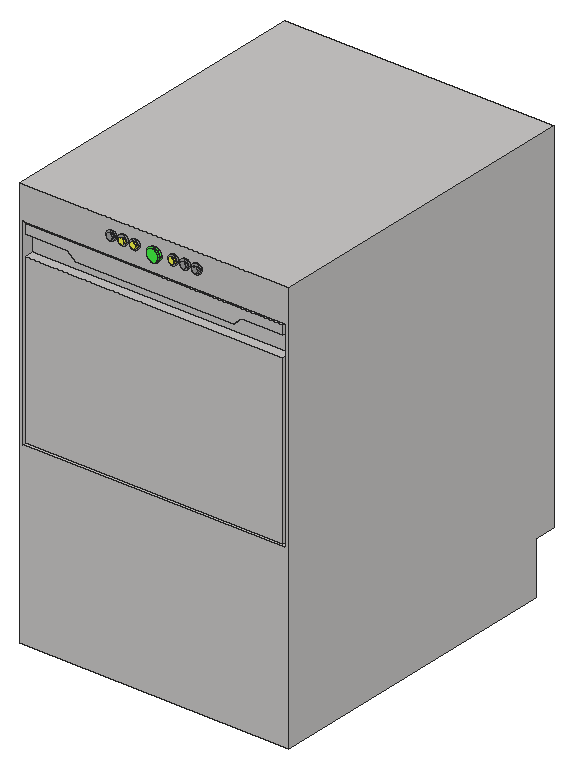
Revit family "QF_ELECTROLUXPROFESSIONAL_402220_ESICWG", category Specialty Equipment, Revit 2018
Family settings
  Round Connector Dimension = Use Diameter
  Part Type = Normal
  Work Plane-Based = No
  Always vertical = Yes
  Cut with Voids When Loaded = No
  Shared = No
  Room Calculation Point = No
Parameters
  Weight = 37.00 kg
  Watts = 0 W
  Volts = 0 V
  URL Manufacturer = ""
  URL = "http://professional.electrolux.com/"
  Steam Supply Size = 0 mm
  Steam Supply Minimum Pressure = 0.0 Pa
  Steam Supply Maximum Pressure = 0.0 Pa
  Steam Pounds per Hour = 0
  Show Logo [instance] = yes
  Show Clearance [instance] = yes
  Refrigeration Suction Line Size = 0 mm
  Refrigeration Liquid Line Size = 0 mm
  Refrigerant Compressor Remote = yes
  Manufacturer = ""
  Phase = 0
  Model = ""
  Length Actual = 460 mm  # constant formula
  Item Number = ""
  Hot Water Size = 0 mm
  Height Actual = 715 mm  # constant formula
  HP = "4.4 HP"
  Gas Size = 0 mm
  Gas KW = 0
  Gas Input Pressure = 0 W
  Direct Waste Size = 27 mm
  Description = ""
  Depth Actual = 565 mm  # constant formula
  Cycle = 0 Hz
  Condensate Return Size = 0 mm
  Compressed Air Volume = 0.0 L/s
  Compressed Air Size = 0 mm
  Compressed Air Pressure = 0.0 Pa
  Cold Water Size = 0 mm
  Accessory = yes
Types (2, lengths in mm): name | Volts | URL Manufacturer | URL | Manufacturer | Phase | Model | Item Number | Description | Cycle | Cold Water Size
  (no name) | 0 V | "" | "http://professional.electrolux.com/" | "" | 0 | "" | "" | "" | 0 Hz | 0
  Standard | 220 V | "http://professional.electrolux.com" | "http://professional.electrolux.com" | "Electrolux Professional" | 1 | "ESICWG" | "402220" | "GLASSWASHER(S) DOUBLE SKIN, COLD RINSE, WS, DP, DD, 30B/H" | 50 Hz | 19.05
Reference planes
  plane 1 "Center (Front/Back)": y = 0
  plane 2: z = 0
  plane 3 "Center (Left/Right)": x = 0
  plane 4 "LEFT": x = -230
  plane 5 "RIGHT": x = 230
  plane 6 "FRONT": y = -282.5
  plane 7 "BACK": y = 282.5
  plane 8: x = -202.5
  plane 9: x = 202.5
  plane 10: z = 715
  plane 11: z = 10
Forms (mm)
  Extrusion 1, solid, material "QF_Finishes_Stainless Steel"
    sketch origin (0, 0, 0) x (1, 0, 0) y (0, 1, 0)
      loop
        line (-230, -282.5) -> (230, -282.5) -> (230, 243.5) -> (-230, 243.5) -> (-230, -282.5)
    from 10 to 715
  Extrusion 2, solid, material "QF_Finishes_Stainless Steel"
    sketch origin (0, 0, 0) x (1, 0, 0) y (0, 1, 0)
      loop
        line (-230, 243.5) -> (230, 243.5) -> (230, 282.5) -> (-230, 282.5) -> (-230, 243.5)
    from 100 to 715
  Extrusion 3, solid, material "QF_Finishes_Stainless Steel"
    sketch origin (0, 0, 0) x (1, 0, 0) y (0, 1, 0)
      loop
        circle (-202.5, 184.5) r 12.5
      loop
        circle (202.5, 184.5) r 12.5
      loop
        circle (-202.5, -235.5) r 12.5
      loop
        circle (202.5, -235.5) r 12.5
    from 0 to 10
  Extrusion 4, void
    sketch origin (-230, -282.5, 0) x (-1, 0, 0) y (0, 0, 1)
      loop
        line (-5, 658.217) -> (-455, 658.217) -> (-455, 315) -> (-5, 315) -> (-5, 658.217)
    from 0 to 30
  Extrusion 5, solid, material "QF_Finishes_Stainless Steel"
    sketch origin (-53, -392, 738) x (0, 0, -1) y (1, 0, 0)
      loop
        circle (693, 213) r 10
    from -635.5 to -674.5
  Extrusion 6, solid, material "QF_Door-Drawer Clearances", visible <- "Show Clearance", detail levels coarse
    sketch origin (-230, -282.5, 0) x (0, 1, 0) y (0, 0, -1)
      loop
        line (0, -315) -> (-315, -315)
        arc (-315, -315) -> (-223.2, -545.869) -> (0, -655) r 344.605
        line (0, -655) -> (0, -315)
    from -10 to -450
  Extrusion 7, solid, material "QF_Finishes_Stainless Steel"
    sketch origin (-242.481, -392, 738) x (0, 0, -1) y (1, 0, 0)
      loop
        circle (663, 322.481) r 8
    from -635.5 to -674.5
  Extrusion 8, solid, material "QF_Finishes_Green"
    sketch origin (234, -282.5, -28.75) x (-1, 0, 0) y (0, 0, -1)
      loop
        circle (234, -714.569) r 10
    from 0 to 5
  Extrusion 9, solid, material "QF_Finishes_Gray"
    sketch origin (234, -282.5, -24.375) x (-1, 0, 0) y (0, 0, -1)
      loop
        circle (306.936, -713.972) r 5
    from 0 to 5
  Extrusion 10, solid, material "QF_Finishes_Stainless Steel"
    sketch origin (-230, -282.5, 0) x (0, 1, 0) y (0, 0, -1)
      loop
        line (0, -319.622) -> (0, -605) -> (15, -605) -> (15, -655) -> (25, -655) -> (25, -319.622) -> (0, -319.622)
    from -10 to -450
  Extrusion 11, solid, material "QF_Finishes_Stainless Steel"
    sketch origin (-230, -282.5, 0) x (0, 1, 0) y (0, 0, -1)
      loop
        line (15, -655) -> (15, -652.514) -> (2.5, -652.514) -> (2.5, -626.25) -> (0, -626.25) -> (0, -655) -> (15, -655)
    from -10 to -450
  Extrusion 12, void
    sketch origin (-230, -282.5, 655) x (0, 0, 1) y (1, 0, 0)
      loop
        line (-15.552, 10) -> (-15.552, 81.607) -> (-28.75, 94.804) -> (-28.75, 10) -> (-15.552, 10)
      loop
        line (-15.552, 450) -> (-28.75, 450) -> (-28.75, 365.196) -> (-15.552, 378.393) -> (-15.552, 450)
    from 0 to 2.5
  Extrusion 13, solid, material "QF_Finishes_Stainless Steel"
    sketch origin (-328, -392, 738) x (0, 0, -1) y (1, 0, 0)
      loop
        circle (663, 228) r 8
    from -635.5 to -674.5
  Extrusion 14, solid, material "QF_Finishes_Green"
    sketch origin (-230, -282.5, 0) x (1, 0, 0) y (0, 0, 1)
      loop
        circle (230, 685.819) r 12
      loop
        circle (230, 685.819) r 10
    from 0 to 2.5
  Extrusion 15, solid, material "QF_Finishes_Gray"
    sketch origin (-210, -282.5, -28.75) x (1, 0, 0) y (0, 0, 1)
      loop
        circle (262.936, 718.347) r 8
      loop
        circle (262.936, 718.347) r 5
      loop
        circle (242.936, 718.347) r 8
      loop
        circle (242.936, 718.347) r 5
      loop
        circle (282.936, 718.347) r 8
      loop
        circle (282.936, 718.347) r 5
    from 0 to 2.5
  Extrusion 16, solid, material "QF_Finishes_Gray"
    sketch origin (-234, -282.5, -24.375) x (1, 0, 0) y (0, 0, 1)
      loop
        circle (286.936, 713.972) r 5
      loop
        circle (306.936, 713.972) r 5
    from 0 to 5
  Extrusion 17, solid, material "QF_Finishes_Gray"
    sketch origin (210, -282.5, -28.75) x (-1, 0, 0) y (0, 0, -1)
      loop
        circle (262.936, -718.347) r 8
      loop
        circle (262.936, -718.347) r 5
      loop
        circle (242.936, -718.347) r 8
      loop
        circle (242.936, -718.347) r 5
      loop
        circle (282.936, -718.347) r 8
      loop
        circle (282.936, -718.347) r 5
    from 0 to 2.5
  Extrusion 18, solid, material "QF_Finishes_Yellow"
    sketch origin (254, -282.5, -24.375) x (-1, 0, 0) y (0, 0, -1)
      loop
        circle (306.936, -713.972) r 5
    from 0 to 5
  Extrusion 19, solid, material "QF_Finishes_Yellow"
    sketch origin (274, -282.5, -24.375) x (-1, 0, 0) y (0, 0, -1)
      loop
        circle (306.936, -713.972) r 5
    from 0 to 5
  Extrusion 20, solid, material "QF_Finishes_Yellow"
    sketch origin (339.871, -282.5, -24.375) x (-1, 0, 0) y (0, 0, -1)
      loop
        circle (306.936, -713.972) r 5
    from 0 to 5
Cuts and joins
  Extrusion 4 cuts Extrusion 1
  joined: Extrusion 1, Extrusion 2
  Extrusion 12 cuts Extrusion 10
  Extrusion 12 cuts Extrusion 11
Lines and regions (mm)
  Split face 1
    outline origin (-230, -282.5, 715) x (0, 0, -1) y (1, 0, 0)
      loop
        line (35, 0) -> (35, 60) -> (49.142, 74.142) -> (49.142, 214.142) -> (11.456, 214.142)
        arc (11.456, 214.142) -> (9.82, 214.82) -> (9.142, 216.456) r 2.314
        line (9.142, 216.456) -> (9.142, 230) -> (9.142, 243.544)
        arc (9.142, 243.544) -> (9.82, 245.18) -> (11.456, 245.858) r 2.314
        line (11.456, 245.858) -> (49.142, 245.858) -> (49.142, 385.858) -> (35, 400) -> (35, 460)
      loop
        line (56.783, 5) -> (56.783, 0)
      loop
        line (56.783, 455) -> (56.783, 460)
  symbolic lines
    curve 1: line (-230, 282.5, 0) -> (230, 282.5, 0)
    curve 2: line (-230, -282.5, 0) -> (-230, 282.5, 0)
    curve 3: line (230, -282.5, 0) -> (-230, -282.5, 0)
    curve 4: line (230, 282.5, 0) -> (230, -282.5, 0)
    curve 9: line (-80.94, -285, 0) -> (-80.94, -282.5, 0)
    curve 10: line (-64.948, -285, 0) -> (-64.948, -282.5, 0)
    curve 11: line (-77.926, -287.5, 0) -> (-67.936, -287.5, 0)
    curve 12: line (-67.936, -287.5, 0) -> (-67.936, -285, 0)
    curve 13: line (-77.926, -287.5, 0) -> (-77.926, -285, 0)
    curve 14: line (-60.936, -285, 0) -> (-44.936, -285, 0)
    curve 15: line (-44.936, -285, 0) -> (-44.936, -282.5, 0)
    curve 16: line (-60.936, -285, 0) -> (-60.936, -282.5, 0)
    curve 17: line (-57.936, -287.5, 0) -> (-47.936, -287.5, 0)
    curve 18: line (-47.936, -287.5, 0) -> (-47.936, -285, 0)
    curve 19: line (-57.936, -287.5, 0) -> (-57.936, -285, 0)
    curve 20: line (-40.936, -285, 0) -> (-24.936, -285, 0)
    curve 21: line (-24.936, -285, 0) -> (-24.936, -282.5, 0)
    curve 22: line (-40.936, -285, 0) -> (-40.936, -282.5, 0)
    curve 23: line (-37.936, -287.5, 0) -> (-27.936, -287.5, 0)
    curve 24: line (-27.936, -287.5, 0) -> (-27.936, -285, 0)
    curve 25: line (-37.936, -287.5, 0) -> (-37.936, -285, 0)
    curve 26: line (24.936, -285, 0) -> (40.936, -285, 0)
    curve 27: line (40.936, -285, 0) -> (40.936, -282.5, 0)
    curve 28: line (27.936, -287.5, 0) -> (37.936, -287.5, 0)
    curve 29: line (37.936, -287.5, 0) -> (37.936, -285, 0)
    curve 30: line (27.936, -287.5, 0) -> (27.936, -285, 0)
    curve 31: line (24.936, -285, 0) -> (24.936, -282.5, 0)
    curve 32: line (-12, -285, 0) -> (12, -285, 0)
    curve 33: line (12, -285, 0) -> (12, -282.5, 0)
    curve 34: line (-12, -285, 0) -> (-12, -282.5, 0)
    curve 35: line (-10, -287.5, 0) -> (10, -287.5, 0)
    curve 36: line (10, -287.5, 0) -> (10, -285, 0)
    curve 37: line (-10, -287.5, 0) -> (-10, -285, 0)
    curve 39: line (44.936, -285, 0) -> (60.936, -285, 0)
    curve 40: line (60.936, -285, 0) -> (60.936, -282.5, 0)
    curve 41: line (47.936, -287.5, 0) -> (57.936, -287.5, 0)
    curve 42: line (57.936, -287.5, 0) -> (57.936, -285, 0)
    curve 43: line (47.936, -287.5, 0) -> (47.936, -285, 0)
    curve 44: line (44.936, -285, 0) -> (44.936, -282.5, 0)
    curve 45: line (64.936, -285, 0) -> (80.936, -285, 0)
    curve 46: line (80.936, -285, 0) -> (80.936, -282.5, 0)
    curve 47: line (67.936, -287.5, 0) -> (77.936, -287.5, 0)
    curve 48: line (77.936, -287.5, 0) -> (77.936, -285, 0)
    curve 49: line (67.936, -287.5, 0) -> (67.936, -285, 0)
    curve 50: line (64.936, -285, 0) -> (64.936, -282.5, 0)
  symbolic lines, style "QF_Door-Drawer Clearances"
    curve 5: line (-220, -597.5, 0) -> (220, -597.5, 0)
    curve 6: line (220, -597.5, 0) -> (220, -282.5, 0)
    curve 7: line (-220, -597.5, 0) -> (-220, -282.5, 0)
  symbolic lines, style "SpecialityEquipment"
    curve 8: line (-80.94, -285, 0) -> (-64.948, -285, 0)
  symbolic lines, style "SpecialityEquipmentHiddenLines"
    curve 38: line (-230, 243.5, 0) -> (230, 243.5, 0)
Dimensions and locks
  equal spacing: plane 4 "LEFT", plane 3 "Center (Left/Right)", plane 5 "RIGHT"
  equal spacing: plane 7 "BACK", plane 1 "Center (Front/Back)", plane 6 "FRONT"
  plane 7 "BACK" to plane 6 "FRONT" = 565 mm
  plane 4 "LEFT" to plane 5 "RIGHT" = 460 mm
  plane 4 "LEFT" to plane 8 = 27.5 mm
  plane 9 to plane 5 "RIGHT" = 27.5 mm
  locked: plane 11 to level at 10
  plane 4 "LEFT" to plane 3 "Center (Left/Right)" = 230 mm
  plane 10 to level = 715 mm  (x2)
  plane 8 to plane 9 = 405 mm
  level to Extrusion 13 sketch curve = 75 mm
  Extrusion 13 sketch curve to plane 4 "LEFT" = 130 mm
  level to Extrusion 5 sketch curve = 45 mm
  Extrusion 5 sketch curve to plane 4 "LEFT" = 390 mm
  Extrusion 7 sketch curve to plane 4 "LEFT" = 310 mm
  level to Extrusion 7 sketch curve = 75 mm
  locked: Extrusion 3 to cut or joined group of Extrusion 1, Extrusion 2, Extrusion 4 at 98
  Extrusion 3 to Extrusion 3 = 420 mm
  locked: plane 6 "FRONT" to Extrusion 3 at 47
  plane 9 to plane 8 = 405 mm
  plane 7 "BACK" to curve 5 = 880 mm
  cut or joined group of Extrusion 10, Extrusion 12 to cut or joined group of Extrusion 1, Extrusion 2, Extrusion 4 = 290 mm
  aligned and locked: level to plane 2
  aligned and locked: Extrusion 1 sketch curve to plane 6 "FRONT"
  aligned and locked: Extrusion 1 sketch curve to plane 4 "LEFT"
  aligned and locked: plane 5 "RIGHT" to Extrusion 1 sketch curve
  aligned and locked: Extrusion 1 to plane 11
  aligned and locked: Extrusion 2 sketch curve to Extrusion 1  (x2)
  aligned and locked: plane 7 "BACK" to Extrusion 2 sketch curve
  aligned and locked: plane 5 "RIGHT" to Extrusion 2 sketch curve
  aligned and locked: plane 11 to Extrusion 3
  aligned and locked: Extrusion 2 to Extrusion 5
  aligned and locked: Extrusion 2 to Extrusion 7
  aligned and locked: plane 7 "BACK" to Extrusion 7
  aligned and locked: plane 7 "BACK" to Extrusion 5
  aligned and locked: cut or joined group of Extrusion 11, Extrusion 12 to Extrusion 12
  aligned and locked: plane 10 to Extrusion 2
Automatic sketch dimensions
  curve 1 to plane 4 "LEFT" = 0 mm
  curve 7 to plane 6 "FRONT" = 0 mm
  curve 4 to plane 5 "RIGHT" = 0 mm
  curve 2 to plane 7 "BACK" = 0 mm
  plane 4 "LEFT" to curve 5 = 10 mm
  curve 8 to plane 6 "FRONT" = 2.5 mm
  curve 8 to plane 3 "Center (Left/Right)" = 80.94 mm
  curve 8 to curve 11 = 3.013 mm
  curve 11 to curve 11 = 9.991 mm
  curve 12 to curve 10 = 2.987 mm
  curve 8 to curve 16 = 4.013 mm
  curve 14 to curve 19 = 3 mm
  curve 17 to plane 6 "FRONT" = 5 mm
  curve 17 to curve 17 = 10 mm
  curve 18 to curve 14 = 3 mm
  curve 14 to curve 20 = 4 mm
  curve 20 to curve 25 = 3 mm
  curve 24 to plane 6 "FRONT" = 5 mm
  curve 23 to curve 24 = 10 mm
  curve 24 to curve 21 = 3 mm
  curve 34 to plane 6 "FRONT" = 2.5 mm
  curve 34 to plane 3 "Center (Left/Right)" = 12 mm
  curve 32 to curve 37 = 2 mm
  plane 3 "Center (Left/Right)" to curve 36 = 10 mm
  curve 36 to curve 33 = 2 mm
  curve 26 to plane 6 "FRONT" = 2.5 mm
  curve 32 to curve 26 = 12.936 mm
  curve 26 to curve 30 = 3 mm
  curve 28 to plane 6 "FRONT" = 5 mm
  curve 28 to curve 28 = 10 mm
  curve 29 to curve 27 = 3 mm
  curve 26 to curve 44 = 4 mm
  curve 39 to curve 43 = 3 mm
  curve 41 to plane 6 "FRONT" = 5 mm
  curve 41 to curve 41 = 10 mm
  curve 42 to curve 39 = 3 mm
  curve 39 to curve 50 = 4 mm
  curve 45 to curve 47 = 3 mm
  curve 47 to plane 6 "FRONT" = 5 mm
  curve 47 to curve 47 = 10 mm
  curve 48 to curve 45 = 3 mm
  curve 6 to plane 5 "RIGHT" = 10 mm
  curve 35 to curve 36 = 2.5 mm
  curve 11 to curve 13 = 2.5 mm
  curve 15 to plane 6 "FRONT" = 2.5 mm
  curve 20 to plane 6 "FRONT" = 2.5 mm
  curve 40 to plane 6 "FRONT" = 2.5 mm
  curve 45 to plane 6 "FRONT" = 2.5 mm
  curve 38 to plane 7 "BACK" = 39 mm
  Extrusion 1 sketch curve to plane 7 "BACK" = 39 mm
  Extrusion 3 sketch curve to plane 8 = 0 mm  (x2)
  Extrusion 3 sketch curve to plane 9 = 0 mm  (x2)
  plane 6 "FRONT" to Extrusion 3 sketch curve = 47 mm  (x2)
  Extrusion 3 sketch curve to plane 7 "BACK" = 98 mm  (x2)
  Extrusion 4 sketch curve to Extrusion 1 = 5 mm  (x2)
  Extrusion 4 sketch curve to Extrusion 1 = 305 mm
  Extrusion 4 sketch curve to Extrusion 1 = 56.783 mm
  Extrusion 6 sketch curve to plane 6 "FRONT" = 0 mm
  Extrusion 6 sketch curve to plane 6 "FRONT" = 315 mm
  plane 6 "FRONT" to Extrusion 6 sketch curve = 29.589 mm
  Extrusion 6 sketch curve to plane 10 = 60 mm
  plane 11 to Extrusion 6 sketch curve = 305 mm
  Extrusion 8 sketch curve to Extrusion 8 sketch curve = 0 mm  (x2)
  Extrusion 8 sketch curve to plane 3 "Center (Left/Right)" = 0 mm
  Extrusion 8 sketch curve to plane 10 = 29.181 mm
  plane 3 "Center (Left/Right)" to Extrusion 8 sketch curve = 10 mm
  Extrusion 9 sketch curve to Extrusion 9 sketch curve = 0 mm  (x2)
  Extrusion 9 sketch curve to plane 10 = 25.403 mm
  Extrusion 9 sketch curve to plane 3 "Center (Left/Right)" = 72.936 mm
  Extrusion 9 sketch curve to Extrusion 9 sketch curve = 5 mm
  Extrusion 10 sketch curve to plane 6 "FRONT" = 0 mm
  plane 6 "FRONT" to Extrusion 10 sketch curve = 15 mm
  Extrusion 10 sketch curve to Extrusion 10 sketch curve = 25 mm
  Extrusion 10 sketch curve to plane 10 = 60 mm
  Extrusion 10 sketch curve to Extrusion 10 sketch curve = 50 mm
  Extrusion 10 sketch curve to Extrusion 10 sketch curve = 285.378 mm
  Extrusion 11 sketch curve to plane 6 "FRONT" = 0 mm
  Extrusion 11 sketch curve to Extrusion 11 sketch curve = 2.5 mm
  Extrusion 11 sketch curve to Extrusion 11 sketch curve = 12.5 mm
  Extrusion 11 sketch curve to plane 10 = 60 mm
  Extrusion 11 sketch curve to Extrusion 11 sketch curve = 2.486 mm
  Extrusion 11 sketch curve to Extrusion 11 sketch curve = 26.264 mm
  Extrusion 12 sketch curve to Extrusion 11 = 0 mm  (x3)
  Extrusion 11 to Extrusion 12 sketch curve = 0 mm
  Extrusion 12 sketch curve to Extrusion 11 = 13.198 mm  (x2)
  Extrusion 12 sketch curve to Extrusion 11 = 71.607 mm
  Extrusion 12 sketch curve to Extrusion 12 sketch curve = 13.198 mm  (x2)
  Extrusion 12 sketch curve to Extrusion 11 = 84.804 mm
  Extrusion 14 sketch curve to Extrusion 14 sketch curve = 0 mm  (x2)
  Extrusion 1 to Extrusion 14 sketch curve = 29.181 mm
  Extrusion 1 to Extrusion 14 sketch curve = 230 mm
  Extrusion 15 sketch curve to Extrusion 15 sketch curve = 0 mm  (x8)
  plane 3 "Center (Left/Right)" to Extrusion 15 sketch curve = 32.936 mm
  Extrusion 15 sketch curve to Extrusion 15 sketch curve = 20 mm  (x2)
  Extrusion 15 sketch curve to plane 10 = 25.403 mm
  Extrusion 16 sketch curve to Extrusion 16 sketch curve = 0 mm  (x5)
  Extrusion 16 sketch curve to plane 10 = 25.403 mm
  plane 3 "Center (Left/Right)" to Extrusion 16 sketch curve = 52.936 mm
  Extrusion 16 sketch curve to Extrusion 16 sketch curve = 20 mm
  Extrusion 16 sketch curve to Extrusion 16 sketch curve = 5 mm  (x2)
  Split face 1 sketch curve to cut or joined group of Extrusion 1, Extrusion 2, Extrusion 4 = 0 mm  (x6)
  cut or joined group of Extrusion 1, Extrusion 2, Extrusion 4 to Split face 1 sketch curve = 0 mm  (x2)
  cut or joined group of Extrusion 1, Extrusion 2, Extrusion 4 to Split face 1 sketch curve = 7.641 mm  (x2)
  Split face 1 sketch curve to Split face 1 sketch curve = 14.142 mm  (x4)
  Split face 1 sketch curve to cut or joined group of Extrusion 1, Extrusion 2, Extrusion 4 = 11.456 mm  (x2)
  Split face 1 sketch curve to cut or joined group of Extrusion 1, Extrusion 2, Extrusion 4 = 9.142 mm
  Split face 1 sketch curve to cut or joined group of Extrusion 1, Extrusion 2, Extrusion 4 = 55 mm
  Split face 1 sketch curve to Split face 1 sketch curve = 140 mm
  Split face 1 sketch curve to Split face 1 sketch curve = 13.544 mm  (x2)
  Split face 1 sketch curve to cut or joined group of Extrusion 1, Extrusion 2, Extrusion 4 = 69.142 mm
  Extrusion 17 sketch curve to Extrusion 17 sketch curve = 0 mm  (x8)
  Extrusion 17 sketch curve to plane 3 "Center (Left/Right)" = 32.936 mm
  Extrusion 17 sketch curve to Extrusion 17 sketch curve = 20 mm  (x2)
  Extrusion 17 sketch curve to plane 10 = 25.403 mm
  Extrusion 18 sketch curve to Extrusion 18 sketch curve = 0 mm  (x2)
  Extrusion 18 sketch curve to plane 10 = 25.403 mm
  Extrusion 18 sketch curve to plane 3 "Center (Left/Right)" = 52.936 mm
  Extrusion 18 sketch curve to Extrusion 18 sketch curve = 5 mm
  Extrusion 19 sketch curve to Extrusion 19 sketch curve = 0 mm  (x2)
  Extrusion 19 sketch curve to plane 3 "Center (Left/Right)" = 32.936 mm
  Extrusion 19 sketch curve to plane 10 = 25.403 mm
  Extrusion 19 sketch curve to Extrusion 19 sketch curve = 5 mm
  Extrusion 20 sketch curve to Extrusion 20 sketch curve = 0 mm  (x2)
  plane 3 "Center (Left/Right)" to Extrusion 20 sketch curve = 32.936 mm
  Extrusion 20 sketch curve to plane 10 = 25.403 mm
  Extrusion 20 sketch curve to Extrusion 20 sketch curve = 5 mm
  radius of Extrusion 5 sketch curve = 10 mm
  radius of Extrusion 7 sketch curve = 8 mm
  radius of Extrusion 13 sketch curve = 8 mm
  radius of Extrusion 3 sketch curve = 12.5 mm  (x4)
  radius of Extrusion 14 sketch curve = 12 mm
  radius of Extrusion 14 sketch curve = 10 mm
  radius of Extrusion 15 sketch curve = 8 mm  (x3)
  radius of Extrusion 15 sketch curve = 5 mm  (x3)
  radius of Extrusion 17 sketch curve = 8 mm  (x3)
  radius of Extrusion 17 sketch curve = 5 mm  (x3)
Connectors
  piping at (160, 282.5, 45), diameter 20
    settings: on Extrusion 5, index 1, connector inside diameter 609.6 mm, connector length 0 mm, flow factor 0, pipe flow 0.0 L/s, pressure drop 0.0 Pa, fitting loss kfactor 0, connector angle 0.00°, fixture units 0, engagement length 0 mm, angle of deflection 0.00°, flow configuration 1, flow direction 1, fitting loss method 0, system type 16, joint type 0, gender type 0, connector reference index -1, connector utility 0, adjustable connector no, is connector primary yes, connector description "Drain"
  piping at (80, 282.5, 75), driven by "Cold Water Size"
    settings: on Extrusion 7, index 3, connector diameter 0 mm, connector inside diameter 609.6 mm, connector length 0 mm, flow factor 0, pipe flow 0.0 L/s, pressure drop 0.0 Pa, fitting loss kfactor 0, connector angle 0.00°, fixture units 0, engagement length 0 mm, angle of deflection 0.00°, flow configuration 1, flow direction 1, fitting loss method 0, system type 20, joint type 0, gender type 0, connector reference index -1, connector utility 0, adjustable connector no, is connector primary no, connector description "Cold Water Inlet"
  electrical at (-100, 282.5, 75), driven by "Volts"
    settings: on Extrusion 13, index 4, voltage 0 V, apparent load 0 VA, apparent load phase1 0 VA, apparent load phase2 0 VA, apparent load phase3 0 VA, power factor 1, load classification "Altro", number of poles 1, system type 31, power factor state 1, is connector primary yes, connector utility no, sub classification motor no, connector description "Electrical Connection"
